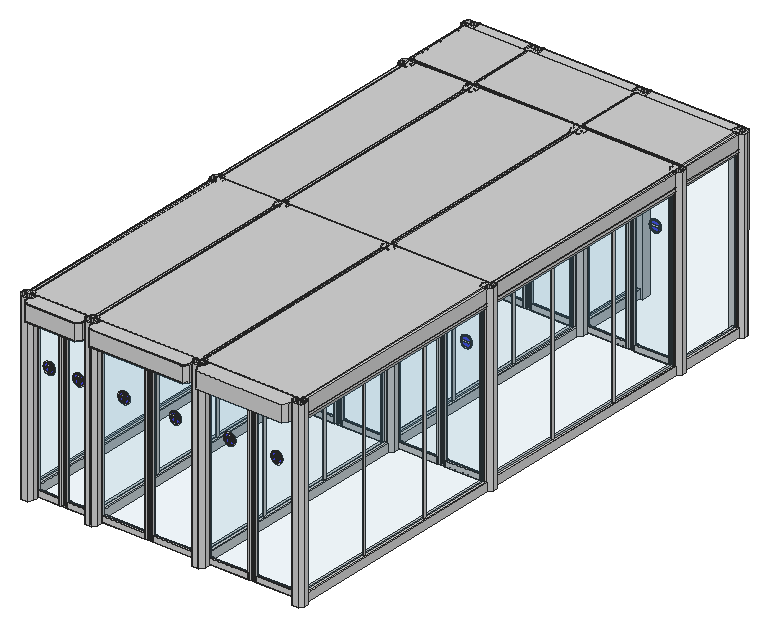
Revit family "ASSA_ABLOY_SecurityPortals_EL_Triple", category Doors, Revit 2020 (continued)
Definition of nested family "PartTriple"
  Dimensions and locks
    aligned and locked: curve 54 to Sweep 8
    aligned and locked: curve 55 to Sweep 8
    aligned and locked: curve 56 to Sweep 8
    aligned and locked: plane 14 to curve 57
    aligned and locked: curve 58 to plane 12
    aligned and locked: plane 20 to Extrusion 6
    aligned and locked: plane 13 to Extrusion 6
    aligned and locked: Extrusion 6 to plane 16
    aligned and locked: curve 61 to plane 13
    aligned and locked: Extrusion 6 to plane 14
    aligned and locked: plane 14 to curve 59
    aligned and locked: curve 60 to plane 20
    aligned and locked: plane 21 to curve 62
    aligned and locked: plane 14 to curve 63
    aligned and locked: curve 65 to plane 13
    aligned and locked: curve 64 to plane 22
    aligned and locked: plane 23 to curve 66
    aligned and locked: curve 69 to plane 13
    aligned and locked: plane 14 to curve 67
    aligned and locked: curve 68 to plane 17
    aligned and locked: plane 24 to curve 70
    aligned and locked: plane 11 to curve 72
    aligned and locked: curve 71 to plane 12
    aligned and locked: plane 22 to curve 74
    aligned and locked: curve 76 to plane 12
    aligned and locked: plane 11 to curve 75
    aligned and locked: curve 73 to plane 23
    aligned and locked: plane 20 to curve 78
    aligned and locked: curve 80 to plane 12
    aligned and locked: plane 11 to curve 79
    aligned and locked: curve 81 to Sweep 12
    aligned and locked: curve 82 to Sweep 12
    aligned and locked: plane 8 "Center" to Extrusion 15 sketch curve
    aligned and locked: Extrusion 21 sketch curve to plane 25
    aligned and locked: Extrusion 21 sketch curve to plane 30
    aligned and locked: plane 7 to Extrusion 21 sketch curve
    aligned and locked: Extrusion 21 sketch curve to plane 26  (x2)
    aligned and locked: Extrusion 20 sketch curve to plane 29
    aligned and locked: Extrusion 20 sketch curve to plane 11
    aligned and locked: Extrusion 20 sketch curve to plane 13
    aligned and locked: plane 4 "Top" to Sweep 4
    aligned and locked: plane 4 "Top" to cut or joined group of Sweep 13, Sweep 14, Extrusion 15  (x2)
    aligned and locked: Extrusion 19 sketch curve to plane 8 "Center"
    aligned and locked: Extrusion 19 sketch curve to plane 26
    aligned and locked: Extrusion 30 sketch curve to Sweep 23  (x2)
    aligned and locked: Extrusion 30 sketch curve to Sweep 22
    aligned and locked: Extrusion 41 sketch curve to Sweep 33
    aligned and locked: Sweep 22 to plane 24
    aligned and locked: Sweep 3 to plane 24  (x2)
    aligned and locked: Sweep 3 to plane 44  (x2)
    aligned and locked: plane 25 to Sweep 4  (x2)
    aligned and locked: nested 8 to plane 45
    aligned and locked: nested 7 to plane 46
    aligned and locked: plane 33 to Sweep 22
    aligned and locked: Extrusion 24 to plane 40
    aligned and locked: plane 39 to Extrusion 24
    aligned and locked: plane 33 to Sweep 23
    aligned and locked: plane 24 to Sweep 27 sketch curve
    aligned and locked: plane 25 to Sweep 27 sketch curve
    aligned and locked: plane 33 to Sweep 27 sketch curve
    aligned and locked: plane 25 to Sweep 28 sketch curve
    aligned and locked: plane 33 to Sweep 28 sketch curve
    aligned and locked: plane 24 to Sweep 28 sketch curve
    aligned and locked: Extrusion 29 sketch curve to plane 8 "Center"
    aligned and locked: Extrusion 29 sketch curve to plane 4 "Top"
    aligned and locked: plane 44 to Extrusion 29 sketch curve
    aligned and locked: Extrusion 24 sketch curve to plane 40  (x3)
    aligned and locked: Extrusion 24 sketch curve to plane 39  (x3)
    aligned and locked: plane 25 to Extrusion 24 sketch curve
    aligned and locked: Extrusion 24 sketch curve to plane 20
    aligned and locked: Extrusion 24 sketch curve to plane 21
    aligned and locked: Extrusion 24 sketch curve to plane 22
    aligned and locked: Extrusion 24 sketch curve to plane 23
    aligned and locked: plane 17 to Extrusion 24 sketch curve
    aligned and locked: plane 40 to Extrusion 29
    aligned and locked: plane 14 to Extrusion 29
    aligned and locked: plane 33 to Extrusion 32 sketch curve
    aligned and locked: Extrusion 32 sketch curve to plane 32
    aligned and locked: Extrusion 31 sketch curve to plane 47
    aligned and locked: plane 48 to Extrusion 31 sketch curve
    aligned and locked: Extrusion 30 sketch curve to plane 46
    aligned and locked: plane 45 to Extrusion 30 sketch curve
    aligned and locked: Extrusion 30 sketch curve to plane 32
    aligned and locked: plane 25 to Extrusion 30 sketch curve
    aligned and locked: Extrusion 30 sketch curve to plane 25
    aligned and locked: curve 83 to plane 49
    aligned and locked: Sweep 26 to plane 39  (x2)
    aligned and locked: Sweep 25 to plane 39
    aligned and locked: nested 6 to plane 45
    aligned and locked: nested 5 to plane 46
    aligned and locked: Sweep 33 to plane 38
    aligned and locked: Sweep 34 to plane 38
    aligned and locked: nested 10 to plane 50
    aligned and locked: nested 9 to plane 51
    aligned and locked: nested 11 to plane 51
    aligned and locked: nested 12 to plane 50
    aligned and locked: plane 44 to Extrusion 40 sketch curve
    aligned and locked: Extrusion 40 sketch curve to plane 4 "Top"
    aligned and locked: Extrusion 40 sketch curve to plane 8 "Center"
    aligned and locked: cut or joined group of Sweep 13, Sweep 14, Extrusion 15 to plane 8 "Center"
    aligned and locked: plane 43 to Extrusion 40
    aligned and locked: Extrusion 40 to plane 39
    aligned and locked: cut or joined group of Extrusion 16, Extrusion 17, Extrusion 18 to cut or joined group of Sweep 13, Sweep 14, Extrusion 15
    aligned and locked: Extrusion 16 sketch curve to Sweep 11
    aligned and locked: curve 84 to plane 49
    aligned and locked: Extrusion 42 to plane 53
    aligned and locked: plane 54 to Extrusion 42
    aligned and locked: plane 55 to Extrusion 41 sketch curve
    aligned and locked: Extrusion 42 to plane 57
    aligned and locked: plane 37 to Extrusion 43 sketch curve
    aligned and locked: plane 54 to Extrusion 43 sketch curve
    aligned and locked: Extrusion 43 sketch curve to plane 53
    aligned and locked: Extrusion 43 sketch curve to plane 38
    aligned and locked: Extrusion 21 to plane 5 "PH"
    aligned and locked: plane 4 "Top" to Extrusion 19
    aligned and locked: cut or joined group of Extrusion 16, Extrusion 17, Extrusion 18 to plane 5 "PH"
    aligned and locked: Extrusion 30 to plane 5 "PH"
    aligned and locked: Extrusion 41 to plane 5 "PH"
    aligned and locked: Extrusion 29 to plane 4 "Top"
    aligned and locked: Extrusion 40 to plane 4 "Top"
    aligned and locked: plane 28 to Sweep 9
    aligned and locked: plane 28 to Sweep 7
    aligned and locked: Sweep 28 to plane 28
    aligned and locked: Sweep 39 to plane 28
    aligned and locked: plane 28 to Extrusion 35
    aligned and locked: plane 28 to Extrusion 24
    aligned and locked: plane 59 to Extrusion 21
    aligned and locked: Extrusion 19 to plane 60
  Automatic sketch dimensions
    plane 1 "Entry" to curve 57 = 0.00 mm
    plane 1 "Entry" to curve 58 = 0.00 mm
    plane 26 to curve 83 = 0.00 mm
    plane 26 to curve 57 = 0.00 mm
    plane 26 to curve 58 = 0.00 mm
    curve 84 to curve 57 = 362.634 mm
    curve 83 to curve 84 = 575.561 mm
    curve 83 to curve 84 = 102.25 mm
    Sweep 1 sketch curve to level = 0.00 mm
    Sweep 1 sketch curve to plane 4 "Top" = 0.00 mm
    Sweep 1 sketch curve to profile plane = 0.00 mm
    profile plane to Sweep 1 sketch curve = 2.30 mm
    profile plane to Sweep 1 sketch curve = 19.90 mm
    profile plane to Sweep 1 sketch curve = 36.52 mm
    Sweep 1 sketch curve to Sweep 1 sketch curve = 0.946 mm
    Sweep 1 sketch curve to Sweep 1 sketch curve = 22.75 mm
    Sweep 1 sketch curve to plane 1 "Entry" = 17.45 mm  (x2)
    profile plane to Sweep 1 sketch curve = 43.296 mm
    Sweep 1 sketch curve to Sweep 1 sketch curve = 16.93 mm
    Sweep 1 sketch curve to Sweep 1 sketch curve = 10.70 mm  (x2)
    Sweep 1 sketch curve to Sweep 1 sketch curve = 26.254 mm
    Sweep 1 sketch curve to Sweep 1 sketch curve = 7.00 mm  (x2)
    Sweep 1 sketch curve to Sweep 1 sketch curve = 37.00 mm
    Sweep 1 sketch curve to Sweep 1 sketch curve = 5.00 mm  (x2)
    Sweep 1 sketch curve to Sweep 1 sketch curve = 8.50 mm
    Sweep 1 sketch curve to Sweep 1 sketch curve = 25.20 mm
    Sweep 1 sketch curve to Sweep 1 sketch curve = 17.95 mm
    Sweep 1 sketch curve to Sweep 1 sketch curve = 3.40 mm
    Sweep 1 sketch curve to Sweep 1 sketch curve = 19.05 mm
    Sweep 1 sketch curve to Sweep 1 sketch curve = 20.752 mm
    Sweep 1 sketch curve to Sweep 1 sketch curve = 16.185 mm
    Sweep 1 sketch curve to Sweep 1 sketch curve = 0.746 mm
    Sweep 1 sketch curve to Sweep 1 sketch curve = 3.182 mm
    Sweep 1 sketch curve to Sweep 1 sketch curve = 22.95 mm
    plane 1 "Entry" to Sweep 1 sketch curve = 21.326 mm
    Sweep 1 sketch curve to Sweep 1 sketch curve = 17.40 mm  (x2)
    plane 1 "Entry" to Sweep 1 sketch curve = 67.057 mm
    plane 1 "Entry" to Sweep 1 sketch curve = 20.298 mm
    Sweep 1 sketch curve to Sweep 1 sketch curve = 2.50 mm
    Sweep 1 sketch curve to Sweep 1 sketch curve = 6.71 mm
    Sweep 1 sketch curve to Sweep 1 sketch curve = 2.79 mm
    plane 1 "Entry" to Sweep 1 sketch curve = 2.55 mm
    plane 1 "Entry" to Sweep 1 sketch curve = 20.296 mm
    Sweep 1 sketch curve to Sweep 1 sketch curve = 36.45 mm
    Sweep 1 sketch curve to Sweep 1 sketch curve = 23.704 mm
    Sweep 1 sketch curve to Sweep 1 sketch curve = 9.50 mm
    Sweep 1 sketch curve to Sweep 1 sketch curve = 0.00 mm  (x2)
    Sweep 1 sketch curve to Sweep 1 sketch curve = 1.754 mm  (x2)
    Sweep 1 sketch curve to Sweep 1 sketch curve = 21.303 mm
    Sweep 1 sketch curve to Sweep 1 sketch curve = 1.746 mm  (x2)
    Sweep 1 sketch curve to Sweep 1 sketch curve = 36.56 mm
    Sweep 1 sketch curve to Sweep 1 sketch curve = 13.70 mm  (x2)
    Sweep 1 sketch curve to Sweep 1 sketch curve = 10.00 mm  (x2)
    Sweep 1 sketch curve to Sweep 1 sketch curve = 8.103 mm  (x2)
    Sweep 1 sketch curve to Sweep 1 sketch curve = 6.897 mm
    Sweep 2 sketch curve to plane 4 "Top" = 0.00 mm
    plane 7 to Sweep 2 sketch curve = 0.00 mm
    Sweep 2 sketch curve to level = 0.00 mm
    Sweep 2 sketch curve to profile plane = 0.00 mm
    profile plane to Sweep 2 sketch curve = 2.30 mm
    profile plane to Sweep 2 sketch curve = 19.90 mm
    profile plane to Sweep 2 sketch curve = 36.52 mm
    Sweep 2 sketch curve to Sweep 2 sketch curve = 0.946 mm
    Sweep 2 sketch curve to Sweep 2 sketch curve = 22.75 mm
    Sweep 2 sketch curve to plane 8 "Center" = 17.45 mm
    profile plane to Sweep 2 sketch curve = 43.296 mm
    Sweep 2 sketch curve to Sweep 2 sketch curve = 16.93 mm
    Sweep 2 sketch curve to Sweep 2 sketch curve = 10.70 mm  (x2)
    Sweep 2 sketch curve to Sweep 2 sketch curve = 5.40 mm  (x2)
    Sweep 2 sketch curve to Sweep 2 sketch curve = 1.60 mm  (x2)
    Sweep 2 sketch curve to Sweep 2 sketch curve = 37.00 mm
    Sweep 2 sketch curve to Sweep 2 sketch curve = 5.00 mm  (x5)
    Sweep 2 sketch curve to Sweep 2 sketch curve = 8.50 mm
    Sweep 2 sketch curve to plane 8 "Center" = 7.95 mm
    Sweep 2 sketch curve to Sweep 2 sketch curve = 59.304 mm
    Sweep 2 sketch curve to Sweep 2 sketch curve = 3.40 mm
    Sweep 2 sketch curve to Sweep 2 sketch curve = 19.05 mm
    Sweep 2 sketch curve to Sweep 2 sketch curve = 20.752 mm
    Sweep 2 sketch curve to Sweep 2 sketch curve = 16.185 mm
    Sweep 2 sketch curve to Sweep 2 sketch curve = 0.746 mm
    Sweep 2 sketch curve to Sweep 2 sketch curve = 3.182 mm
    Sweep 2 sketch curve to Sweep 2 sketch curve = 22.95 mm
    Sweep 2 sketch curve to Sweep 2 sketch curve = 17.40 mm  (x2)
    plane 8 "Center" to Sweep 2 sketch curve = 20.298 mm
    Sweep 2 sketch curve to Sweep 2 sketch curve = 2.50 mm
    Sweep 2 sketch curve to Sweep 2 sketch curve = 2.79 mm
    plane 8 "Center" to Sweep 2 sketch curve = 20.296 mm
    Sweep 2 sketch curve to Sweep 2 sketch curve = 1.028 mm
    Sweep 2 sketch curve to Sweep 2 sketch curve = 17.674 mm
    Sweep 2 sketch curve to Sweep 2 sketch curve = 23.704 mm
    Sweep 2 sketch curve to Sweep 2 sketch curve = 9.50 mm  (x2)
    Sweep 2 sketch curve to Sweep 2 sketch curve = 21.303 mm  (x2)
    Sweep 2 sketch curve to Sweep 2 sketch curve = 1.754 mm  (x2)
    Sweep 2 sketch curve to Sweep 2 sketch curve = 1.746 mm  (x2)
    Sweep 2 sketch curve to Sweep 2 sketch curve = 36.56 mm
    Sweep 2 sketch curve to Sweep 2 sketch curve = 0.00 mm
    Sweep 2 sketch curve to Sweep 2 sketch curve = 13.70 mm  (x2)
    Sweep 2 sketch curve to Sweep 2 sketch curve = 8.103 mm  (x2)
    Sweep 2 sketch curve to Sweep 2 sketch curve = 15.00 mm
    Sweep 2 sketch curve to Sweep 2 sketch curve = 6.897 mm
    Sweep 3 sketch curve to plane 4 "Top" = 0.00 mm
    plane 6 to Sweep 3 sketch curve = 0.00 mm
    Sweep 3 sketch curve to level = 0.00 mm
    Sweep 3 sketch curve to profile plane = 0.00 mm
    Sweep 3 sketch curve to profile plane = 2.30 mm
    Sweep 3 sketch curve to profile plane = 19.90 mm
    Sweep 3 sketch curve to profile plane = 36.52 mm
    Sweep 3 sketch curve to Sweep 3 sketch curve = 0.946 mm
    Sweep 3 sketch curve to Sweep 3 sketch curve = 22.75 mm
    Sweep 3 sketch curve to Sweep 3 sketch curve = 0.646 mm  (x2)
    Sweep 3 sketch curve to Sweep 3 sketch curve = 16.93 mm
    Sweep 3 sketch curve to Sweep 3 sketch curve = 10.70 mm  (x2)
    Sweep 3 sketch curve to Sweep 3 sketch curve = 26.254 mm  (x2)
    Sweep 3 sketch curve to Sweep 3 sketch curve = 7.00 mm  (x2)
    Sweep 3 sketch curve to Sweep 3 sketch curve = 37.00 mm
    Sweep 3 sketch curve to Sweep 3 sketch curve = 5.00 mm
    Sweep 3 sketch curve to Sweep 3 sketch curve = 8.50 mm
    profile plane to Sweep 3 sketch curve = 2.55 mm
    Sweep 3 sketch curve to Sweep 3 sketch curve = 25.20 mm
    Sweep 3 sketch curve to Sweep 3 sketch curve = 16.185 mm
    Sweep 3 sketch curve to Sweep 3 sketch curve = 0.746 mm
    Sweep 3 sketch curve to Sweep 3 sketch curve = 22.95 mm
    Sweep 3 sketch curve to Sweep 3 sketch curve = 17.40 mm
    profile plane to Sweep 3 sketch curve = 68.804 mm
    Sweep 3 sketch curve to Sweep 3 sketch curve = 2.50 mm
    Sweep 3 sketch curve to profile plane = 17.45 mm  (x2)
    profile plane to Sweep 3 sketch curve = 20.298 mm  (x2)
    Sweep 3 sketch curve to Sweep 3 sketch curve = 23.704 mm  (x2)
    Sweep 3 sketch curve to Sweep 3 sketch curve = 9.50 mm  (x2)
    Sweep 3 sketch curve to Sweep 3 sketch curve = 3.50 mm
    Sweep 3 sketch curve to Sweep 3 sketch curve = 21.303 mm
    Sweep 3 sketch curve to Sweep 3 sketch curve = 1.754 mm  (x2)
    Sweep 3 sketch curve to Sweep 3 sketch curve = 1.746 mm
    Sweep 3 sketch curve to Sweep 3 sketch curve = 36.56 mm
    Sweep 3 sketch curve to Sweep 3 sketch curve = 0.00 mm
    Sweep 3 sketch curve to Sweep 3 sketch curve = 13.70 mm  (x2)
    Sweep 3 sketch curve to Sweep 3 sketch curve = 10.00 mm  (x2)
    Sweep 3 sketch curve to Sweep 3 sketch curve = 8.103 mm  (x2)
    Sweep 3 sketch curve to Sweep 3 sketch curve = 6.897 mm
    Sweep 4 sketch curve to plane 4 "Top" = 0.00 mm
    plane 6 to Sweep 4 sketch curve = 0.00 mm
    Sweep 4 sketch curve to level = 0.00 mm
    Sweep 4 sketch curve to profile plane = 0.00 mm
    Sweep 4 sketch curve to profile plane = 2.30 mm
    Sweep 4 sketch curve to Sweep 4 sketch curve = 17.60 mm
    Sweep 4 sketch curve to profile plane = 36.52 mm
    Sweep 4 sketch curve to Sweep 4 sketch curve = 0.946 mm
    Sweep 4 sketch curve to Sweep 4 sketch curve = 22.75 mm
    Sweep 4 sketch curve to Sweep 4 sketch curve = 0.646 mm  (x2)
    Sweep 4 sketch curve to Sweep 4 sketch curve = 16.93 mm
    Sweep 4 sketch curve to Sweep 4 sketch curve = 10.70 mm  (x2)
    Sweep 4 sketch curve to Sweep 4 sketch curve = 5.40 mm
    Sweep 4 sketch curve to Sweep 4 sketch curve = 1.60 mm  (x2)
    Sweep 4 sketch curve to Sweep 4 sketch curve = 8.50 mm  (x2)
    Sweep 4 sketch curve to Sweep 4 sketch curve = 5.00 mm  (x2)
    Sweep 4 sketch curve to Sweep 4 sketch curve = 7.00 mm
    Sweep 4 sketch curve to plane 8 "Center" = 17.45 mm
    Sweep 4 sketch curve to Sweep 4 sketch curve = 77.707 mm
    Sweep 4 sketch curve to Sweep 4 sketch curve = 16.185 mm
    Sweep 4 sketch curve to Sweep 4 sketch curve = 0.746 mm
    Sweep 4 sketch curve to Sweep 4 sketch curve = 22.95 mm
    Sweep 4 sketch curve to Sweep 4 sketch curve = 17.40 mm
    Sweep 4 sketch curve to Sweep 4 sketch curve = 19.90 mm
    plane 8 "Center" to Sweep 4 sketch curve = 20.296 mm  (x2)
    Sweep 4 sketch curve to Sweep 4 sketch curve = 23.704 mm  (x2)
    Sweep 4 sketch curve to Sweep 4 sketch curve = 9.50 mm  (x2)
    Sweep 4 sketch curve to Sweep 4 sketch curve = 21.303 mm  (x2)
    Sweep 4 sketch curve to Sweep 4 sketch curve = 1.754 mm  (x2)
    Sweep 4 sketch curve to Sweep 4 sketch curve = 1.746 mm  (x2)
    Sweep 4 sketch curve to Sweep 4 sketch curve = 36.56 mm
    Sweep 4 sketch curve to Sweep 4 sketch curve = 0.00 mm
    Sweep 4 sketch curve to Sweep 4 sketch curve = 13.70 mm  (x2)
    Sweep 4 sketch curve to Sweep 4 sketch curve = 10.00 mm  (x2)
    Sweep 4 sketch curve to Sweep 4 sketch curve = 8.103 mm  (x2)
    Sweep 4 sketch curve to Sweep 4 sketch curve = 6.897 mm
    Sweep 4 sketch curve to Sweep 4 sketch curve = 15.00 mm
    Extrusion 5 sketch curve to plane 11 = 0.00 mm  (x2)
    Extrusion 5 sketch curve to plane 12 = 0.00 mm  (x2)
    Extrusion 6 sketch curve to plane 13 = 0.00 mm  (x2)
    Extrusion 6 sketch curve to plane 14 = 0.00 mm  (x2)
    plane 19 to Sweep 7 sketch curve = 15.00 mm
    profile plane to Sweep 7 sketch curve = 88.45 mm
    Sweep 7 sketch curve to Sweep 7 sketch curve = 2.00 mm  (x3)
    plane 19 to Sweep 7 sketch curve = 1.00 mm
    Sweep 7 sketch curve to Sweep 7 sketch curve = 8.60 mm  (x2)
    Sweep 7 sketch curve to plane 19 = 1.00 mm
    Sweep 7 sketch curve to Sweep 7 sketch curve = 14.00 mm
    Sweep 7 sketch curve to Sweep 7 sketch curve = 0.00 mm  (x2)
    plane 18 to Sweep 8 sketch curve = 15.00 mm
    profile plane to Sweep 8 sketch curve = 88.45 mm
    Sweep 8 sketch curve to Sweep 8 sketch curve = 2.00 mm  (x3)
    plane 18 to Sweep 8 sketch curve = 1.00 mm
    Sweep 8 sketch curve to Sweep 8 sketch curve = 8.60 mm  (x2)
    Sweep 8 sketch curve to plane 18 = 1.00 mm
    Sweep 8 sketch curve to Sweep 8 sketch curve = 14.00 mm
    Sweep 8 sketch curve to Sweep 8 sketch curve = 0.00 mm  (x2)
    plane 19 to Sweep 9 sketch curve = 15.00 mm
    Sweep 9 sketch curve to profile plane = 75.85 mm
    Sweep 9 sketch curve to Sweep 9 sketch curve = 2.00 mm  (x3)
    plane 19 to Sweep 9 sketch curve = 1.00 mm
    Sweep 9 sketch curve to Sweep 9 sketch curve = 8.60 mm
    Sweep 9 sketch curve to Sweep 9 sketch curve = 0.00 mm  (x3)
    Sweep 9 sketch curve to plane 19 = 1.00 mm
    Sweep 9 sketch curve to Sweep 9 sketch curve = 14.00 mm
    plane 18 to Sweep 10 sketch curve = 15.00 mm
    Sweep 10 sketch curve to profile plane = 75.85 mm
    Sweep 10 sketch curve to Sweep 10 sketch curve = 2.00 mm  (x3)
    plane 18 to Sweep 10 sketch curve = 1.00 mm
    Sweep 10 sketch curve to Sweep 10 sketch curve = 8.60 mm
    Sweep 10 sketch curve to Sweep 10 sketch curve = 0.00 mm  (x3)
    Sweep 10 sketch curve to plane 18 = 1.00 mm
    Sweep 10 sketch curve to Sweep 10 sketch curve = 14.00 mm
    level to Sweep 11 sketch curve = 0.90 mm
    profile plane to Sweep 11 sketch curve = 124.65 mm
    Sweep 11 sketch curve to Sweep 11 sketch curve = 5.00 mm  (x2)
    Sweep 11 sketch curve to Sweep 11 sketch curve = 28.00 mm  (x2)
    Sweep 11 sketch curve to Sweep 11 sketch curve = 19.00 mm
    level to Sweep 11 sketch curve = 70.90 mm
    Sweep 11 sketch curve to Sweep 11 sketch curve = 35.00 mm  (x2)
    Sweep 12 sketch curve to plane 6 = 0.00 mm
    plane 24 to Sweep 12 sketch curve = 0.00 mm
    plane 25 to Sweep 12 sketch curve = 0.00 mm
    level to Sweep 12 sketch curve = 0.90 mm
    Sweep 12 sketch curve to profile plane = 39.65 mm
    Sweep 12 sketch curve to Sweep 12 sketch curve = 5.00 mm  (x2)
    Sweep 12 sketch curve to Sweep 12 sketch curve = 28.00 mm  (x2)
    Sweep 12 sketch curve to Sweep 12 sketch curve = 19.00 mm
    level to Sweep 12 sketch curve = 70.90 mm
    Sweep 12 sketch curve to Sweep 12 sketch curve = 35.00 mm  (x2)
    Sweep 13 sketch curve to plane 7 = 0.00 mm
    plane 25 to Sweep 13 sketch curve = 0.00 mm
    plane 24 to Sweep 13 sketch curve = 0.00 mm
    Sweep 13 sketch curve to Sweep 13 sketch curve = 0.00 mm  (x6)
    plane 5 "PH" to Sweep 13 sketch curve = 41.60 mm
    profile plane to Sweep 13 sketch curve = 121.15 mm
    Sweep 13 sketch curve to Sweep 13 sketch curve = 2.00 mm
    Sweep 13 sketch curve to Sweep 13 sketch curve = 3.00 mm  (x3)
    Sweep 13 sketch curve to Sweep 13 sketch curve = 3.50 mm
    Sweep 13 sketch curve to plane 5 "PH" = 28.70 mm
    Sweep 13 sketch curve to Sweep 13 sketch curve = 17.32 mm
    Sweep 13 sketch curve to Sweep 13 sketch curve = 11.68 mm  (x2)
    Sweep 13 sketch curve to Sweep 13 sketch curve = 14.00 mm
    Sweep 13 sketch curve to Sweep 13 sketch curve = 45.00 mm
    profile plane to Sweep 13 sketch curve = 46.15 mm
    plane 5 "PH" to Sweep 13 sketch curve = 1.30 mm  (x2)
    Sweep 13 sketch curve to Sweep 13 sketch curve = 20.82 mm
    Sweep 13 sketch curve to Sweep 13 sketch curve = 4.40 mm  (x3)
    Sweep 13 sketch curve to Sweep 13 sketch curve = 9.60 mm
    Sweep 13 sketch curve to Sweep 13 sketch curve = 1.00 mm
    Sweep 13 sketch curve to Sweep 13 sketch curve = 63.75 mm
    Sweep 13 sketch curve to Sweep 13 sketch curve = 37.00 mm
    Sweep 13 sketch curve to Sweep 13 sketch curve = 64.25 mm
    Sweep 14 sketch curve to plane 6 = 0.00 mm
    plane 25 to Sweep 14 sketch curve = 0.00 mm
    plane 24 to Sweep 14 sketch curve = 0.00 mm
    Sweep 14 sketch curve to Sweep 14 sketch curve = 0.00 mm  (x5)
    Sweep 14 sketch curve to profile plane = 43.15 mm
    Sweep 14 sketch curve to profile plane = 46.15 mm
    Sweep 14 sketch curve to plane 5 "PH" = 28.70 mm  (x2)
    Sweep 14 sketch curve to Sweep 14 sketch curve = 17.32 mm
    Sweep 14 sketch curve to profile plane = 71.15 mm
    Sweep 14 sketch curve to Sweep 14 sketch curve = 11.68 mm  (x2)
    Sweep 14 sketch curve to Sweep 14 sketch curve = 3.00 mm  (x2)
    Sweep 14 sketch curve to Sweep 14 sketch curve = 14.00 mm
    plane 5 "PH" to Sweep 14 sketch curve = 41.60 mm
    Sweep 14 sketch curve to Sweep 14 sketch curve = 26.50 mm
    Sweep 14 sketch curve to Sweep 14 sketch curve = 45.00 mm
    Sweep 14 sketch curve to Sweep 14 sketch curve = 3.50 mm
    Sweep 14 sketch curve to Sweep 14 sketch curve = 5.50 mm
    Sweep 14 sketch curve to Sweep 14 sketch curve = 2.00 mm
    Sweep 14 sketch curve to Sweep 14 sketch curve = 4.40 mm  (x2)
    Sweep 14 sketch curve to Sweep 14 sketch curve = 9.60 mm
    plane 5 "PH" to Sweep 14 sketch curve = 1.30 mm  (x2)
    Sweep 14 sketch curve to Sweep 14 sketch curve = 1.00 mm
    Sweep 14 sketch curve to Sweep 14 sketch curve = 63.75 mm
    Sweep 14 sketch curve to Sweep 14 sketch curve = 37.00 mm
    Sweep 14 sketch curve to Sweep 14 sketch curve = 64.25 mm
    Extrusion 15 sketch curve to plane 4 "Top" = 0.00 mm
    Extrusion 15 sketch curve to Extrusion 15 sketch curve = 4.531 mm
    Extrusion 16 sketch curve to plane 7 = 0.00 mm
    Extrusion 16 sketch curve to plane 6 = 0.00 mm
    Extrusion 16 sketch curve to plane 9 = 14.65 mm
    plane 7 to Extrusion 16 sketch curve = 1.892 mm
    Extrusion 16 sketch curve to plane 30 = 0.642 mm
    Extrusion 16 sketch curve to plane 52 = 1.90 mm
    plane 8 "Center" to Extrusion 16 sketch curve = 20.296 mm
    Extrusion 16 sketch curve to Extrusion 16 sketch curve = 48.504 mm
    plane 44 to Extrusion 16 sketch curve = 48.505 mm
    Extrusion 16 sketch curve to Extrusion 16 sketch curve = 60.413 mm  (x2)
    Extrusion 16 sketch curve to Extrusion 16 sketch curve = 32.344 mm  (x2)
    Extrusion 16 sketch curve to Extrusion 16 sketch curve = 63.44 mm
    Extrusion 17 sketch curve to plane 9 = 14.65 mm
    Extrusion 17 sketch curve to Extrusion 17 sketch curve = 2.00 mm  (x2)
    plane 7 to Extrusion 17 sketch curve = 1.892 mm
    Extrusion 17 sketch curve to Extrusion 17 sketch curve = 1.109 mm
    Extrusion 17 sketch curve to plane 30 = 1.75 mm
    Extrusion 17 sketch curve to plane 30 = 0.642 mm
    Extrusion 17 sketch curve to plane 52 = 3.90 mm
    Extrusion 17 sketch curve to plane 52 = 1.90 mm
    plane 44 to Extrusion 17 sketch curve = 108.462 mm  (x2)
    Extrusion 17 sketch curve to Extrusion 17 sketch curve = 32.226 mm
    Extrusion 17 sketch curve to Extrusion 17 sketch curve = 32.227 mm
    Extrusion 17 sketch curve to Extrusion 17 sketch curve = 0.573 mm  (x2)
    Extrusion 17 sketch curve to Extrusion 17 sketch curve = 62.014 mm
    Extrusion 18 sketch curve to plane 7 = 0.00 mm
    Extrusion 18 sketch curve to plane 6 = 0.00 mm
    Extrusion 18 sketch curve to plane 9 = 14.65 mm
    plane 7 to Extrusion 18 sketch curve = 1.892 mm
    Extrusion 18 sketch curve to plane 30 = 0.642 mm
    Extrusion 18 sketch curve to plane 52 = 1.90 mm
    Extrusion 18 sketch curve to plane 44 = 0.001 mm
    plane 44 to Extrusion 18 sketch curve = 48.505 mm  (x2)
    Extrusion 18 sketch curve to Extrusion 18 sketch curve = 60.413 mm  (x2)
    Extrusion 18 sketch curve to Extrusion 18 sketch curve = 32.344 mm  (x2)
    Extrusion 18 sketch curve to Extrusion 18 sketch curve = 63.44 mm
    curve 57 to curve 26 = 8.50 mm
    curve 30 to curve 57 = 42.954 mm
    curve 57 to curve 29 = 38.40 mm
    curve 76 to curve 48 = 3.00 mm
    plane 11 to Extrusion 19 sketch curve = 1.875 mm
    Extrusion 19 sketch curve to plane 9 = 20.196 mm
    plane 29 to Extrusion 19 sketch curve = 1.875 mm
    plane 7 to Extrusion 19 sketch curve = 21.671 mm
    Extrusion 19 sketch curve to plane 30 = 15.421 mm
    plane 52 to Extrusion 19 sketch curve = 3.45 mm
    Extrusion 19 sketch curve to plane 31 = 0.024 mm
    plane 13 to Extrusion 19 sketch curve = 2.50 mm
    plane 31 to Extrusion 19 sketch curve = 5.601 mm
    plane 26 to Extrusion 20 sketch curve = 0.00 mm  (x2)
    plane 11 to Extrusion 20 sketch curve = 2.031 mm
    plane 7 to Extrusion 20 sketch curve = 20.371 mm
    plane 29 to Extrusion 20 sketch curve = 2.00 mm
    Extrusion 20 sketch curve to Extrusion 20 sketch curve = 0.828 mm  (x2)
    Extrusion 20 sketch curve to plane 30 = 15.05 mm
    Extrusion 20 sketch curve to Extrusion 20 sketch curve = 1.975 mm
    Extrusion 20 sketch curve to plane 31 = 0.599 mm
    plane 31 to Extrusion 20 sketch curve = 0.255 mm
    plane 31 to Extrusion 20 sketch curve = 4.301 mm
    Extrusion 20 sketch curve to Extrusion 20 sketch curve = 0.797 mm
    Extrusion 21 sketch curve to plane 9 = 14.602 mm
    Extrusion 21 sketch curve to plane 9 = 20.30 mm
    plane 11 to Extrusion 21 sketch curve = 10.00 mm
    plane 7 to Extrusion 21 sketch curve = 17.605 mm
    Extrusion 21 sketch curve to plane 30 = 16.561 mm
    Extrusion 21 sketch curve to plane 52 = 2.154 mm
    plane 52 to Extrusion 21 sketch curve = 3.543 mm
    plane 13 to Extrusion 21 sketch curve = 10.00 mm
    plane 31 to Extrusion 21 sketch curve = 1.741 mm
    plane 31 to Extrusion 21 sketch curve = 1.535 mm
    plane 29 to Extrusion 21 sketch curve = 10.00 mm
    plane 8 "Center" to Extrusion 21 sketch curve = 20.083 mm  (x2)
    Extrusion 21 sketch curve to Extrusion 21 sketch curve = 46.671 mm
    Extrusion 21 sketch curve to Extrusion 21 sketch curve = 48.341 mm
    Sweep 22 sketch curve to plane 4 "Top" = 0.00 mm
    Sweep 22 sketch curve to plane 33 = 0.00 mm
    Sweep 22 sketch curve to level = 0.00 mm
    Sweep 22 sketch curve to profile plane = 0.00 mm
    Sweep 22 sketch curve to profile plane = 2.30 mm
    Sweep 22 sketch curve to Sweep 22 sketch curve = 17.60 mm
    Sweep 22 sketch curve to profile plane = 36.52 mm
    Sweep 22 sketch curve to Sweep 22 sketch curve = 0.946 mm
    Sweep 22 sketch curve to Sweep 22 sketch curve = 22.75 mm
    Sweep 22 sketch curve to profile plane = 17.45 mm
    Sweep 22 sketch curve to profile plane = 43.296 mm
    Sweep 22 sketch curve to Sweep 22 sketch curve = 16.93 mm
    Sweep 22 sketch curve to Sweep 22 sketch curve = 10.70 mm  (x2)
    profile plane to Sweep 22 sketch curve = 2.55 mm
    Sweep 22 sketch curve to Sweep 22 sketch curve = 26.254 mm
    Sweep 22 sketch curve to Sweep 22 sketch curve = 7.00 mm  (x2)
    Sweep 22 sketch curve to Sweep 22 sketch curve = 37.00 mm
    Sweep 22 sketch curve to Sweep 22 sketch curve = 5.00 mm  (x2)
    Sweep 22 sketch curve to Sweep 22 sketch curve = 8.50 mm
    Sweep 22 sketch curve to Sweep 22 sketch curve = 25.20 mm
    Sweep 22 sketch curve to Sweep 22 sketch curve = 17.95 mm
    Sweep 22 sketch curve to Sweep 22 sketch curve = 3.40 mm
    Sweep 22 sketch curve to Sweep 22 sketch curve = 19.05 mm
    Sweep 22 sketch curve to Sweep 22 sketch curve = 20.752 mm
    Sweep 22 sketch curve to Sweep 22 sketch curve = 16.185 mm
    Sweep 22 sketch curve to Sweep 22 sketch curve = 0.746 mm
    Sweep 22 sketch curve to profile plane = 10.74 mm
    Sweep 22 sketch curve to Sweep 22 sketch curve = 3.182 mm
    Sweep 22 sketch curve to Sweep 22 sketch curve = 22.95 mm
    Sweep 22 sketch curve to Sweep 22 sketch curve = 17.40 mm  (x2)
    profile plane to Sweep 22 sketch curve = 21.326 mm
    Sweep 22 sketch curve to Sweep 22 sketch curve = 2.50 mm
    Sweep 22 sketch curve to Sweep 22 sketch curve = 6.71 mm
    Sweep 22 sketch curve to Sweep 22 sketch curve = 2.79 mm
    profile plane to Sweep 22 sketch curve = 20.296 mm
    Sweep 22 sketch curve to Sweep 22 sketch curve = 1.028 mm
    Sweep 22 sketch curve to Sweep 22 sketch curve = 36.45 mm
    Sweep 22 sketch curve to Sweep 22 sketch curve = 23.704 mm
    Sweep 22 sketch curve to Sweep 22 sketch curve = 9.50 mm
    Sweep 22 sketch curve to Sweep 22 sketch curve = 0.00 mm  (x2)
    Sweep 22 sketch curve to Sweep 22 sketch curve = 21.303 mm  (x2)
    Sweep 22 sketch curve to Sweep 22 sketch curve = 1.754 mm  (x2)
    Sweep 22 sketch curve to Sweep 22 sketch curve = 1.746 mm  (x2)
    Sweep 22 sketch curve to Sweep 22 sketch curve = 36.56 mm
    Sweep 22 sketch curve to Sweep 22 sketch curve = 13.70 mm  (x2)
    Sweep 22 sketch curve to Sweep 22 sketch curve = 10.00 mm  (x2)
    Sweep 22 sketch curve to Sweep 22 sketch curve = 8.103 mm  (x2)
    Sweep 22 sketch curve to Sweep 22 sketch curve = 6.897 mm
    Sweep 23 sketch curve to plane 4 "Top" = 0.00 mm
    Sweep 23 sketch curve to plane 33 = 0.00 mm
    Sweep 23 sketch curve to level = 0.00 mm
    Sweep 23 sketch curve to profile plane = 0.00 mm
    Sweep 23 sketch curve to profile plane = 2.30 mm
    Sweep 23 sketch curve to Sweep 23 sketch curve = 17.60 mm
    Sweep 23 sketch curve to profile plane = 36.52 mm
    Sweep 23 sketch curve to Sweep 23 sketch curve = 0.946 mm
    Sweep 23 sketch curve to Sweep 23 sketch curve = 22.75 mm
    Sweep 23 sketch curve to profile plane = 17.45 mm
    Sweep 23 sketch curve to profile plane = 43.296 mm
    Sweep 23 sketch curve to Sweep 23 sketch curve = 16.93 mm
    Sweep 23 sketch curve to Sweep 23 sketch curve = 10.70 mm  (x2)
    Sweep 23 sketch curve to Sweep 23 sketch curve = 5.40 mm
    Sweep 23 sketch curve to Sweep 23 sketch curve = 1.60 mm  (x2)
    Sweep 23 sketch curve to Sweep 23 sketch curve = 8.50 mm  (x2)
    Sweep 23 sketch curve to Sweep 23 sketch curve = 5.00 mm  (x5)
    Sweep 23 sketch curve to Sweep 23 sketch curve = 7.00 mm
    Sweep 23 sketch curve to profile plane = 7.95 mm
    Sweep 23 sketch curve to Sweep 23 sketch curve = 59.304 mm
    Sweep 23 sketch curve to Sweep 23 sketch curve = 3.40 mm
    Sweep 23 sketch curve to Sweep 23 sketch curve = 19.05 mm
    Sweep 23 sketch curve to Sweep 23 sketch curve = 20.752 mm
    Sweep 23 sketch curve to Sweep 23 sketch curve = 16.185 mm
    Sweep 23 sketch curve to Sweep 23 sketch curve = 0.746 mm
    Sweep 23 sketch curve to profile plane = 10.74 mm
    Sweep 23 sketch curve to Sweep 23 sketch curve = 3.182 mm
    Sweep 23 sketch curve to Sweep 23 sketch curve = 22.95 mm
    Sweep 23 sketch curve to Sweep 23 sketch curve = 17.40 mm  (x2)
    profile plane to Sweep 23 sketch curve = 21.326 mm
    Sweep 23 sketch curve to Sweep 23 sketch curve = 2.50 mm
    profile plane to Sweep 23 sketch curve = 20.296 mm
    Sweep 23 sketch curve to Sweep 23 sketch curve = 1.028 mm
    Sweep 23 sketch curve to Sweep 23 sketch curve = 17.674 mm
    Sweep 23 sketch curve to Sweep 23 sketch curve = 23.704 mm
    Sweep 23 sketch curve to Sweep 23 sketch curve = 9.50 mm  (x2)
    Sweep 23 sketch curve to Sweep 23 sketch curve = 21.303 mm  (x2)
    Sweep 23 sketch curve to Sweep 23 sketch curve = 1.754 mm  (x2)
    Sweep 23 sketch curve to Sweep 23 sketch curve = 1.746 mm  (x2)
    Sweep 23 sketch curve to Sweep 23 sketch curve = 36.56 mm
    Sweep 23 sketch curve to Sweep 23 sketch curve = 0.00 mm
    Sweep 23 sketch curve to Sweep 23 sketch curve = 13.70 mm  (x2)
    Sweep 23 sketch curve to Sweep 23 sketch curve = 8.103 mm  (x2)
    Sweep 23 sketch curve to Sweep 23 sketch curve = 15.00 mm
    Sweep 23 sketch curve to Sweep 23 sketch curve = 6.897 mm
    Sweep 25 sketch curve to plane 28 = 0.00 mm
    Sweep 25 sketch curve to plane 27 = 0.00 mm
    plane 33 to Sweep 25 sketch curve = 0.10 mm
    profile plane to Sweep 25 sketch curve = 15.00 mm
    Sweep 25 sketch curve to profile plane = 75.85 mm
    Sweep 25 sketch curve to Sweep 25 sketch curve = 2.00 mm  (x3)
    profile plane to Sweep 25 sketch curve = 1.00 mm
    Sweep 25 sketch curve to Sweep 25 sketch curve = 8.60 mm
    Sweep 25 sketch curve to Sweep 25 sketch curve = 0.00 mm  (x3)
    Sweep 25 sketch curve to profile plane = 1.00 mm
    Sweep 25 sketch curve to Sweep 25 sketch curve = 14.00 mm
    Sweep 26 sketch curve to plane 28 = 0.00 mm
    Sweep 26 sketch curve to plane 27 = 0.00 mm
    plane 33 to Sweep 26 sketch curve = 0.10 mm
    profile plane to Sweep 26 sketch curve = 15.00 mm
    Sweep 26 sketch curve to profile plane = 75.85 mm
    Sweep 26 sketch curve to Sweep 26 sketch curve = 2.00 mm  (x3)
    profile plane to Sweep 26 sketch curve = 1.00 mm
    Sweep 26 sketch curve to Sweep 26 sketch curve = 8.60 mm
    Sweep 26 sketch curve to Sweep 26 sketch curve = 0.00 mm  (x3)
    Sweep 26 sketch curve to profile plane = 1.00 mm
    Sweep 26 sketch curve to Sweep 26 sketch curve = 14.00 mm
    level to Sweep 27 sketch curve = 0.90 mm
    Sweep 27 sketch curve to profile plane = 39.65 mm
    Sweep 27 sketch curve to Sweep 27 sketch curve = 5.00 mm  (x2)
    Sweep 27 sketch curve to Sweep 27 sketch curve = 28.00 mm  (x2)
    Sweep 27 sketch curve to Sweep 27 sketch curve = 19.00 mm
    level to Sweep 27 sketch curve = 70.90 mm
    Sweep 27 sketch curve to Sweep 27 sketch curve = 35.00 mm  (x2)
    Sweep 28 sketch curve to Sweep 28 sketch curve = 0.00 mm  (x5)
    Sweep 28 sketch curve to profile plane = 43.15 mm
    Sweep 28 sketch curve to profile plane = 46.15 mm
    Sweep 28 sketch curve to plane 5 "PH" = 28.70 mm  (x2)
    Sweep 28 sketch curve to Sweep 28 sketch curve = 17.32 mm
    Sweep 28 sketch curve to profile plane = 71.15 mm
    Sweep 28 sketch curve to Sweep 28 sketch curve = 11.68 mm  (x2)
    Sweep 28 sketch curve to Sweep 28 sketch curve = 3.00 mm  (x2)
    Sweep 28 sketch curve to Sweep 28 sketch curve = 14.00 mm
    plane 5 "PH" to Sweep 28 sketch curve = 41.60 mm
    Sweep 28 sketch curve to Sweep 28 sketch curve = 26.50 mm
    Sweep 28 sketch curve to Sweep 28 sketch curve = 45.00 mm
    Sweep 28 sketch curve to Sweep 28 sketch curve = 3.50 mm
    Sweep 28 sketch curve to Sweep 28 sketch curve = 5.50 mm
    Sweep 28 sketch curve to Sweep 28 sketch curve = 2.00 mm
    Sweep 28 sketch curve to Sweep 28 sketch curve = 4.40 mm  (x2)
    Sweep 28 sketch curve to Sweep 28 sketch curve = 9.60 mm
    plane 5 "PH" to Sweep 28 sketch curve = 1.30 mm  (x2)
    Sweep 28 sketch curve to Sweep 28 sketch curve = 1.00 mm
    Sweep 28 sketch curve to Sweep 28 sketch curve = 63.75 mm
    Sweep 28 sketch curve to Sweep 28 sketch curve = 37.00 mm
    Sweep 28 sketch curve to Sweep 28 sketch curve = 64.25 mm
    Extrusion 29 sketch curve to Extrusion 29 sketch curve = 4.531 mm
    Extrusion 30 sketch curve to plane 32 = 0.00 mm
    Extrusion 30 sketch curve to plane 33 = 0.00 mm
    Extrusion 30 sketch curve to plane 45 = 14.165 mm
    Extrusion 30 sketch curve to plane 44 = 0.001 mm
    Extrusion 30 sketch curve to plane 45 = 19.85 mm
    Extrusion 30 sketch curve to plane 32 = 1.892 mm
    plane 33 to Extrusion 30 sketch curve = 1.892 mm
    plane 46 to Extrusion 30 sketch curve = 19.95 mm
    Extrusion 30 sketch curve to plane 16 = 51.857 mm
    plane 8 "Center" to Extrusion 30 sketch curve = 20.296 mm
    plane 44 to Extrusion 30 sketch curve = 48.505 mm  (x2)
    Extrusion 30 sketch curve to Extrusion 30 sketch curve = 37.128 mm
    Extrusion 30 sketch curve to Extrusion 30 sketch curve = 37.288 mm
    Extrusion 30 sketch curve to Extrusion 30 sketch curve = 78.594 mm
    Extrusion 30 sketch curve to Extrusion 30 sketch curve = 78.914 mm
    Extrusion 30 sketch curve to Extrusion 30 sketch curve = 40.315 mm
    Extrusion 31 sketch curve to plane 48 = 2.00 mm
    Extrusion 31 sketch curve to plane 32 = 1.892 mm
    Extrusion 31 sketch curve to Extrusion 31 sketch curve = 1.109 mm
    plane 33 to Extrusion 31 sketch curve = 3.00 mm
    plane 33 to Extrusion 31 sketch curve = 1.892 mm
    plane 47 to Extrusion 31 sketch curve = 2.00 mm
    plane 44 to Extrusion 31 sketch curve = 108.462 mm  (x2)
    Extrusion 31 sketch curve to Extrusion 31 sketch curve = 32.226 mm
    Extrusion 31 sketch curve to Extrusion 31 sketch curve = 32.227 mm
    Extrusion 31 sketch curve to Extrusion 31 sketch curve = 0.573 mm  (x2)
    Extrusion 31 sketch curve to Extrusion 31 sketch curve = 62.014 mm
    Extrusion 31 sketch curve to Extrusion 31 sketch curve = 2.00 mm
    Extrusion 32 sketch curve to plane 45 = 14.45 mm
    Extrusion 32 sketch curve to plane 32 = 1.892 mm
    plane 33 to Extrusion 32 sketch curve = 1.892 mm
    plane 46 to Extrusion 32 sketch curve = 14.55 mm
    Extrusion 32 sketch curve to plane 44 = 0.001 mm
    plane 44 to Extrusion 32 sketch curve = 48.505 mm  (x2)
    Extrusion 32 sketch curve to Extrusion 32 sketch curve = 60.413 mm  (x2)
    Extrusion 32 sketch curve to Extrusion 32 sketch curve = 32.344 mm  (x2)
    Extrusion 32 sketch curve to Extrusion 32 sketch curve = 63.44 mm
    Sweep 33 sketch curve to plane 4 "Top" = 0.00 mm
    plane 38 to Sweep 33 sketch curve = 0.00 mm
    Sweep 33 sketch curve to level = 0.00 mm
    Sweep 33 sketch curve to profile plane = 0.00 mm
    Sweep 33 sketch curve to profile plane = 2.30 mm
    Sweep 33 sketch curve to Sweep 33 sketch curve = 17.60 mm
    Sweep 33 sketch curve to profile plane = 36.52 mm
    Sweep 33 sketch curve to Sweep 33 sketch curve = 0.946 mm
    Sweep 33 sketch curve to Sweep 33 sketch curve = 22.75 mm
    Sweep 33 sketch curve to profile plane = 17.45 mm
    Sweep 33 sketch curve to profile plane = 43.296 mm
    Sweep 33 sketch curve to Sweep 33 sketch curve = 16.93 mm
    Sweep 33 sketch curve to Sweep 33 sketch curve = 10.70 mm  (x2)
    profile plane to Sweep 33 sketch curve = 2.55 mm
    Sweep 33 sketch curve to Sweep 33 sketch curve = 26.254 mm
    Sweep 33 sketch curve to Sweep 33 sketch curve = 7.00 mm  (x2)
    Sweep 33 sketch curve to Sweep 33 sketch curve = 37.00 mm
    Sweep 33 sketch curve to Sweep 33 sketch curve = 5.00 mm  (x2)
    Sweep 33 sketch curve to Sweep 33 sketch curve = 8.50 mm
    Sweep 33 sketch curve to Sweep 33 sketch curve = 25.20 mm
    Sweep 33 sketch curve to Sweep 33 sketch curve = 17.95 mm
    Sweep 33 sketch curve to Sweep 33 sketch curve = 3.40 mm
    Sweep 33 sketch curve to Sweep 33 sketch curve = 19.05 mm
    Sweep 33 sketch curve to Sweep 33 sketch curve = 20.752 mm
    Sweep 33 sketch curve to Sweep 33 sketch curve = 16.185 mm
    Sweep 33 sketch curve to Sweep 33 sketch curve = 0.746 mm
    Sweep 33 sketch curve to profile plane = 10.74 mm
    Sweep 33 sketch curve to Sweep 33 sketch curve = 3.182 mm
    Sweep 33 sketch curve to Sweep 33 sketch curve = 22.95 mm
    Sweep 33 sketch curve to Sweep 33 sketch curve = 17.40 mm  (x2)
    profile plane to Sweep 33 sketch curve = 21.326 mm
    Sweep 33 sketch curve to Sweep 33 sketch curve = 2.50 mm
    Sweep 33 sketch curve to Sweep 33 sketch curve = 6.71 mm
    Sweep 33 sketch curve to Sweep 33 sketch curve = 2.79 mm
    profile plane to Sweep 33 sketch curve = 20.296 mm
    Sweep 33 sketch curve to Sweep 33 sketch curve = 1.028 mm
    Sweep 33 sketch curve to Sweep 33 sketch curve = 36.45 mm
    Sweep 33 sketch curve to Sweep 33 sketch curve = 23.704 mm
    Sweep 33 sketch curve to Sweep 33 sketch curve = 9.50 mm
    Sweep 33 sketch curve to Sweep 33 sketch curve = 0.00 mm  (x2)
    Sweep 33 sketch curve to Sweep 33 sketch curve = 21.303 mm  (x2)
    Sweep 33 sketch curve to Sweep 33 sketch curve = 1.754 mm  (x2)
    Sweep 33 sketch curve to Sweep 33 sketch curve = 1.746 mm  (x2)
    Sweep 33 sketch curve to Sweep 33 sketch curve = 36.56 mm
    Sweep 33 sketch curve to Sweep 33 sketch curve = 13.70 mm  (x2)
    Sweep 33 sketch curve to Sweep 33 sketch curve = 10.00 mm  (x2)
    Sweep 33 sketch curve to Sweep 33 sketch curve = 8.103 mm  (x2)
    Sweep 33 sketch curve to Sweep 33 sketch curve = 6.897 mm
    Sweep 34 sketch curve to plane 4 "Top" = 0.00 mm
    plane 38 to Sweep 34 sketch curve = 0.00 mm
    Sweep 34 sketch curve to level = 0.00 mm
    Sweep 34 sketch curve to profile plane = 0.00 mm
    Sweep 34 sketch curve to profile plane = 2.30 mm
    Sweep 34 sketch curve to Sweep 34 sketch curve = 17.60 mm
    Sweep 34 sketch curve to profile plane = 36.52 mm
    Sweep 34 sketch curve to Sweep 34 sketch curve = 0.946 mm
    Sweep 34 sketch curve to Sweep 34 sketch curve = 22.75 mm
    Sweep 34 sketch curve to profile plane = 17.45 mm
    Sweep 34 sketch curve to profile plane = 43.296 mm
    Sweep 34 sketch curve to Sweep 34 sketch curve = 16.93 mm
    Sweep 34 sketch curve to Sweep 34 sketch curve = 10.70 mm  (x2)
    Sweep 34 sketch curve to Sweep 34 sketch curve = 5.40 mm
    Sweep 34 sketch curve to Sweep 34 sketch curve = 1.60 mm  (x2)
    Sweep 34 sketch curve to Sweep 34 sketch curve = 8.50 mm  (x2)
    Sweep 34 sketch curve to Sweep 34 sketch curve = 5.00 mm  (x5)
    Sweep 34 sketch curve to Sweep 34 sketch curve = 7.00 mm
    Sweep 34 sketch curve to profile plane = 7.95 mm
    Sweep 34 sketch curve to Sweep 34 sketch curve = 59.304 mm
    Sweep 34 sketch curve to Sweep 34 sketch curve = 3.40 mm
    Sweep 34 sketch curve to Sweep 34 sketch curve = 19.05 mm
    Sweep 34 sketch curve to Sweep 34 sketch curve = 20.752 mm
    Sweep 34 sketch curve to Sweep 34 sketch curve = 16.185 mm
    Sweep 34 sketch curve to Sweep 34 sketch curve = 0.746 mm
    Sweep 34 sketch curve to profile plane = 10.74 mm
    Sweep 34 sketch curve to Sweep 34 sketch curve = 3.182 mm
    Sweep 34 sketch curve to Sweep 34 sketch curve = 22.95 mm
    Sweep 34 sketch curve to Sweep 34 sketch curve = 17.40 mm  (x2)
    profile plane to Sweep 34 sketch curve = 21.326 mm
    Sweep 34 sketch curve to Sweep 34 sketch curve = 2.50 mm
    profile plane to Sweep 34 sketch curve = 20.296 mm
    Sweep 34 sketch curve to Sweep 34 sketch curve = 1.028 mm
    Sweep 34 sketch curve to Sweep 34 sketch curve = 17.674 mm
    Sweep 34 sketch curve to Sweep 34 sketch curve = 23.704 mm
    Sweep 34 sketch curve to Sweep 34 sketch curve = 9.50 mm  (x2)
    Sweep 34 sketch curve to Sweep 34 sketch curve = 21.303 mm  (x2)
    Sweep 34 sketch curve to Sweep 34 sketch curve = 1.754 mm  (x2)
    Sweep 34 sketch curve to Sweep 34 sketch curve = 1.746 mm  (x2)
    Sweep 34 sketch curve to Sweep 34 sketch curve = 36.56 mm
    Sweep 34 sketch curve to Sweep 34 sketch curve = 0.00 mm
    Sweep 34 sketch curve to Sweep 34 sketch curve = 13.70 mm  (x2)
    Sweep 34 sketch curve to Sweep 34 sketch curve = 8.103 mm  (x2)
    Sweep 34 sketch curve to Sweep 34 sketch curve = 15.00 mm
    Sweep 34 sketch curve to Sweep 34 sketch curve = 6.897 mm
    plane 16 to Extrusion 35 sketch curve = 0.00 mm
    plane 17 to Extrusion 35 sketch curve = 0.00 mm
    plane 23 to Extrusion 35 sketch curve = 0.00 mm
    plane 21 to Extrusion 35 sketch curve = 0.00 mm
    plane 20 to Extrusion 35 sketch curve = 0.00 mm
    plane 22 to Extrusion 35 sketch curve = 0.00 mm
    plane 43 to Extrusion 35 sketch curve = 0.10 mm  (x3)
    plane 42 to Extrusion 35 sketch curve = 0.10 mm  (x3)
    Sweep 36 sketch curve to plane 28 = 0.00 mm
    plane 38 to Sweep 36 sketch curve = 0.00 mm
    Sweep 36 sketch curve to plane 27 = 0.00 mm
    profile plane to Sweep 36 sketch curve = 15.00 mm
    Sweep 36 sketch curve to profile plane = 75.85 mm
    Sweep 36 sketch curve to Sweep 36 sketch curve = 2.00 mm  (x3)
    profile plane to Sweep 36 sketch curve = 1.00 mm
    Sweep 36 sketch curve to Sweep 36 sketch curve = 8.60 mm
    Sweep 36 sketch curve to Sweep 36 sketch curve = 0.00 mm  (x3)
    Sweep 36 sketch curve to profile plane = 1.00 mm
    Sweep 36 sketch curve to Sweep 36 sketch curve = 14.00 mm
    Sweep 37 sketch curve to plane 28 = 0.00 mm
    plane 38 to Sweep 37 sketch curve = 0.00 mm
    Sweep 37 sketch curve to plane 27 = 0.00 mm
    profile plane to Sweep 37 sketch curve = 15.00 mm
    Sweep 37 sketch curve to profile plane = 75.85 mm
    Sweep 37 sketch curve to Sweep 37 sketch curve = 2.00 mm  (x3)
    profile plane to Sweep 37 sketch curve = 1.00 mm
    Sweep 37 sketch curve to Sweep 37 sketch curve = 8.60 mm
    Sweep 37 sketch curve to Sweep 37 sketch curve = 0.00 mm  (x3)
    Sweep 37 sketch curve to profile plane = 1.00 mm
    Sweep 37 sketch curve to Sweep 37 sketch curve = 14.00 mm
    plane 25 to Sweep 38 sketch curve = 0.00 mm
    Sweep 38 sketch curve to plane 38 = 0.00 mm
    plane 24 to Sweep 38 sketch curve = 0.00 mm
    level to Sweep 38 sketch curve = 0.90 mm
    Sweep 38 sketch curve to profile plane = 39.65 mm
    Sweep 38 sketch curve to Sweep 38 sketch curve = 5.00 mm  (x2)
    Sweep 38 sketch curve to Sweep 38 sketch curve = 28.00 mm  (x2)
    Sweep 38 sketch curve to Sweep 38 sketch curve = 19.00 mm
    level to Sweep 38 sketch curve = 70.90 mm
    Sweep 38 sketch curve to Sweep 38 sketch curve = 35.00 mm  (x2)
    plane 25 to Sweep 39 sketch curve = 0.00 mm
    Sweep 39 sketch curve to plane 38 = 0.00 mm
    plane 24 to Sweep 39 sketch curve = 0.00 mm
    Sweep 39 sketch curve to Sweep 39 sketch curve = 0.00 mm  (x5)
    Sweep 39 sketch curve to profile plane = 43.15 mm
    Sweep 39 sketch curve to profile plane = 46.15 mm
    Sweep 39 sketch curve to plane 5 "PH" = 28.70 mm  (x2)
    Sweep 39 sketch curve to Sweep 39 sketch curve = 17.32 mm
    Sweep 39 sketch curve to profile plane = 71.15 mm
    Sweep 39 sketch curve to Sweep 39 sketch curve = 11.68 mm  (x2)
    Sweep 39 sketch curve to Sweep 39 sketch curve = 3.00 mm  (x2)
    Sweep 39 sketch curve to Sweep 39 sketch curve = 14.00 mm
    plane 5 "PH" to Sweep 39 sketch curve = 41.60 mm
    Sweep 39 sketch curve to Sweep 39 sketch curve = 26.50 mm
    Sweep 39 sketch curve to Sweep 39 sketch curve = 45.00 mm
    Sweep 39 sketch curve to Sweep 39 sketch curve = 3.50 mm
    Sweep 39 sketch curve to Sweep 39 sketch curve = 5.50 mm
    Sweep 39 sketch curve to Sweep 39 sketch curve = 2.00 mm
    Sweep 39 sketch curve to Sweep 39 sketch curve = 4.40 mm  (x2)
    Sweep 39 sketch curve to Sweep 39 sketch curve = 9.60 mm
    plane 5 "PH" to Sweep 39 sketch curve = 1.30 mm  (x2)
    Sweep 39 sketch curve to Sweep 39 sketch curve = 1.00 mm
    Sweep 39 sketch curve to Sweep 39 sketch curve = 63.75 mm
    Sweep 39 sketch curve to Sweep 39 sketch curve = 37.00 mm
    Sweep 39 sketch curve to Sweep 39 sketch curve = 64.25 mm
    plane 4 "Top" to Extrusion 40 sketch curve = 4.531 mm
    Extrusion 41 sketch curve to plane 35 = 0.00 mm  (x2)
    plane 25 to Extrusion 41 sketch curve = 0.00 mm  (x2)
    Extrusion 41 sketch curve to plane 54 = 0.00 mm
    Extrusion 41 sketch curve to plane 38 = 0.00 mm  (x2)
    Extrusion 41 sketch curve to plane 53 = 0.00 mm
    plane 54 to Extrusion 41 sketch curve = 0.285 mm
    plane 37 to Extrusion 41 sketch curve = 1.892 mm
    Extrusion 41 sketch curve to plane 38 = 1.892 mm
    Extrusion 41 sketch curve to plane 53 = 0.285 mm
    Extrusion 41 sketch curve to plane 53 = 5.685 mm
    Extrusion 41 sketch curve to plane 16 = 51.857 mm  (x2)
    plane 8 "Center" to Extrusion 41 sketch curve = 20.296 mm
    Extrusion 41 sketch curve to plane 44 = 0.001 mm
    plane 44 to Extrusion 41 sketch curve = 48.505 mm  (x2)
    Extrusion 41 sketch curve to Extrusion 41 sketch curve = 60.413 mm
    plane 44 to Extrusion 41 sketch curve = 108.918 mm
    Extrusion 41 sketch curve to Extrusion 41 sketch curve = 32.344 mm  (x2)
    Extrusion 41 sketch curve to Extrusion 41 sketch curve = 63.44 mm
    Extrusion 42 sketch curve to plane 54 = 0.00 mm
    Extrusion 42 sketch curve to plane 57 = 0.00 mm
    Extrusion 42 sketch curve to plane 53 = 0.00 mm
    plane 37 to Extrusion 42 sketch curve = 1.892 mm
    Extrusion 42 sketch curve to Extrusion 42 sketch curve = 1.109 mm
    Extrusion 42 sketch curve to plane 38 = 3.00 mm
    Extrusion 42 sketch curve to plane 38 = 1.892 mm
    plane 58 to Extrusion 42 sketch curve = 0.00 mm
    plane 44 to Extrusion 42 sketch curve = 108.462 mm  (x2)
    Extrusion 42 sketch curve to Extrusion 42 sketch curve = 32.226 mm
    Extrusion 42 sketch curve to Extrusion 42 sketch curve = 32.227 mm
    Extrusion 42 sketch curve to Extrusion 42 sketch curve = 1.029 mm  (x2)
    Extrusion 42 sketch curve to Extrusion 42 sketch curve = 62.014 mm
    Extrusion 42 sketch curve to Extrusion 42 sketch curve = 2.00 mm
    plane 37 to Extrusion 43 sketch curve = 1.892 mm
    Extrusion 43 sketch curve to plane 38 = 1.892 mm
    Extrusion 43 sketch curve to plane 44 = 0.001 mm
    plane 44 to Extrusion 43 sketch curve = 48.505 mm  (x2)
    Extrusion 43 sketch curve to Extrusion 43 sketch curve = 59.957 mm  (x2)
    Extrusion 43 sketch curve to Extrusion 43 sketch curve = 33.256 mm  (x2)
    Extrusion 43 sketch curve to Extrusion 43 sketch curve = 62.984 mm
    plane 26 to Extrusion 19 sketch curve = 0.00 mm
    curve 57 to curve 1 = 83.95 mm
    curve 57 to curve 1 = 49.73 mm
    curve 1 to curve 59 = 1.203 mm
    curve 59 to curve 61 = 0.00 mm
    curve 81 to curve 61 = 8.10 mm
    curve 82 to curve 59 = 8.10 mm
    curve 32 to curve 31 = 0.00 mm
    curve 31 to curve 80 = 8.10 mm
    curve 79 to curve 80 = 0.00 mm
    curve 31 to curve 58 = 146.21 mm
    curve 58 to curve 71 = 9.35 mm
    curve 72 to curve 71 = 0.00 mm
    curve 71 to curve 31 = 8.10 mm
    curve 72 to curve 32 = 8.10 mm
  Nested families
    nested 1: "Panel" at (-348.1, 0, 0), PanelWidth <- "PanelWidth", type "Left Entry"
      with PanelWidth 348.10 mm
    nested 2: "Panel" at (348.1, 0, 0) x (-1, 0, 0) z (0, 0, 1), PanelWidth <- "PanelWidth", type "Right Entry"
      with PanelWidth 348.10 mm
    nested 3: "Panel" at (-348.1, 2999.92, 0), PanelWidth <- "PanelWidth", type "Left Exit"
      with PanelWidth 348.10 mm
    nested 4: "Panel" at (348.1, 2999.92, 0) x (-1, 0, 0) z (0, 0, 1), PanelWidth <- "PanelWidth", type "Right Exit"
      with PanelWidth 348.10 mm
    nested 5: "Panel" at (-1162.7, 0, 0), visible <- "Row2", PanelWidth <- "PanelWidth2", type "Left Entry"
      with PanelWidth 348.10 mm
    nested 6: "Panel" at (-466.2, 0, 0) x (-1, 0, 0) z (0, 0, 1), visible <- "Row2", PanelWidth <- "PanelWidth2", type "Right Entry"
      with PanelWidth 348.10 mm
    nested 7: "Panel" at (-1162.7, 2999.92, 0), visible <- "Row2", PanelWidth <- "PanelWidth2", type "Left Exit"
      with PanelWidth 348.10 mm
    nested 8: "Panel" at (-466.2, 2999.92, 0) x (-1, 0, 0) z (0, 0, 1), visible <- "Row2", PanelWidth <- "PanelWidth2", type "Right Exit"
      with PanelWidth 348.10 mm
    nested 9: "Panel" at (-1977.2, 0, 0), visible <- "Row3", PanelWidth <- "PanelWidth3", type "Left Entry"
      with PanelWidth 348.10 mm
    nested 10: "Panel" at (-1280.8, 0, 0) x (-1, 0, 0) z (0, 0, 1), visible <- "Row3", PanelWidth <- "PanelWidth3", type "Right Entry"
      with PanelWidth 348.10 mm
    nested 11: "Panel" at (-1977.2, 2999.92, 0), visible <- "Row3", PanelWidth <- "PanelWidth3", type "Left Exit"
      with PanelWidth 348.10 mm
    nested 12: "Panel" at (-1280.8, 2999.92, 0) x (-1, 0, 0) z (0, 0, 1), visible <- "Row3", PanelWidth <- "PanelWidth3", type "Right Exit"
      with PanelWidth 348.10 mm
  Definition of nested family "Panel"
    Parameters (values of type "Left Entry")
      Width = 0.00 mm
      URL = ""
      Type Comments = ""
      Thickness = 0.00 mm
      Rubber = none
      Rough Width = 0.00 mm
      Rough Height = 0.00 mm
      RightPanel = no
      PassageHeight = 2100.00 mm
      PanelWidth [instance] = 273.10 mm
      PanelGlass = none
      Operation = "Automatic"
      OpeningRotationAngle = 0.00°
      Model = ""
      Manufacturer = ""
      LeftPanel = not(RightPanel)  # yes
      Keynote = ""
      Height = 0.00 mm
      Function = (empty or 0)
      Frames = none
      Exit = no
      Entry = yes
      Description = ""
      Default Elevation = 1219.20 mm
      Cost = 0
      Construction Type = ""
      Assembly Code = ""
      Analytic Construction = "<None>"
    Types (4, lengths in mm): name | RightPanel | LeftPanel | Exit | Entry
      Left Entry | no | yes | no | yes
      Left Exit | no | yes | yes | no
      Right Exit | yes | no | yes | no
      Right Entry | yes | no | no | yes
    Reference planes
      plane 1 "Center (Front/Back)": y = 0
      plane 2: z = 0
      plane 3 "Center (Left/Right)": x = 0
      plane 4 "Top": z = 2100
      plane 5: z = 2093
      plane 6: z = 20
      plane 7 "Exit": y = 8
      plane 8: z = 2064
      plane 9: z = 49
    Forms (mm)
      Sweep 1, solid, material <- "Frames"
        path origin (0, 0, 0) x (1, 0, 0) y (0, 0, 1)
          loop
            line (0, 2100) -> (0, 0)
        profile origin (0, 0, 1050) x (0, -1, 0) y (1, 0, 0)
          loop
            arc (-15, 13.229) -> (0, -20) -> (15, 13.229) r 20
            line (15, 13.229) -> (15, 23) -> (2, 23) -> (2, 11.4) -> (-12, 11.4) -> (-12, 23) -> (-15, 23) -> (-15, 13.229)
      Sweep 2, solid, material <- "Frames", visible <- "LeftPanel"
        path origin (0, 0, 0) x (1, 0, 0) y (0, 0, 1)
          loop
            line (273.1, 2093) -> (273.1, 20)
        profile origin (273.1, 0, 1056.5) x (0, -1, 0) y (1, 0, 0)
          loop
            line (-12, -39.05) -> (1.998, -39.05) -> (1.998, -50.643) -> (14.998, -50.643) -> (14.998, -35.65) -> (11.459, -13.245) -> (4, -7.655) -> (4, 7.349) -> (-4.002, 7.349) -> (-4.002, -7.655) -> (-11.461, -13.245) -> (-15.001, -35.65) -> (-15.001, -50.643) -> (-12, -50.643) -> (-12, -39.05)
      Sweep 3, solid, material <- "Frames"
        path origin (0, 0, 0) x (1, 0, 0) y (0, 1, 0)
          loop
            line (222.457, 0) -> (23, 0)
